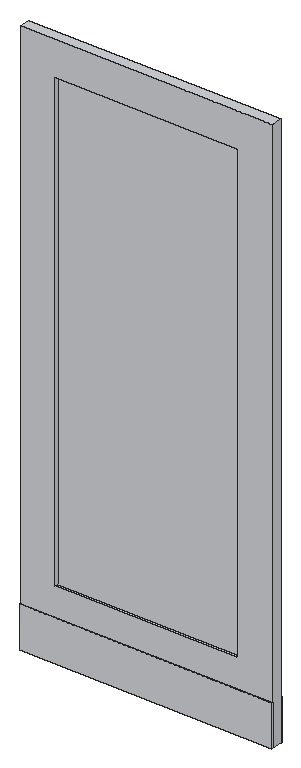
Revit family "BG_DORc_Leaf-Type3", category Doors, Revit 2020
Family settings
  Work Plane-Based = Yes
  Always vertical = No
  Cut with Voids When Loaded = No
  Shared = Yes
  Room Calculation Point = No
Parameters (values of type "Typical")
  Width [instance] = 920 mm
  Undercut [instance] = 0 mm
  Rough Width = 0 mm  # constant formula
  Rough Height = 0 mm  # constant formula
  Height [instance] = 2040 mm
  Default Elevation = 1219.2 mm
  BG_MATd_ProtectionInt1 [instance] = none
  BG_MATd_ProtectionExt1 [instance] = none
  BG_MATd_LeafInt1 [instance] = none
  BG_MATd_LeafExt1 [instance] = none
  BG_MATd_LeafCore1 [instance] = none
  BG_MATd_Glazing1 [instance] = none
  BG_DIMd_ProtectionHeightInt1 [instance] = 150 mm
  BG_DIMd_ProtectionHeightExt1 [instance] = 150 mm
  BG_DIMd_LeafThickness1 [instance] = 40 mm
  BG_DIMd_HandleMountingHeight1 [instance] = 1000 mm
Reference planes
  plane 1 "Front": y = 0
  plane 2 "Center (Elevation)": z = 0
  plane 3 "Center (Left/Right)": x = 0
  plane 4: z = 2040
  plane 5: x = -920
  plane 6 "Back": y = -40
  plane 7: z = 1000
  plane 8: x = -795
  plane 9: x = -125
  plane 10: z = 1915
  plane 11: z = 250
  plane 12: y = -20
Forms (mm)
  Extrusion 1, solid, material <- "BG_MATd_LeafCore1"
    sketch origin (1.5, 0, 0) x (-0.707107, 0.707107, 0) y (-0.707107, -0.707107, 0)
      loop
        line (-27.224, 29.345) -> (1.061, 1.061) -> (651.599, 651.599) -> (623.315, 679.883) -> (-27.224, 29.345)
    from 0 <- "Undercut" to 2040 <- "Height"
  Extrusion 2, void
    sketch origin (0, -40, 0) x (-1, 0, 0) y (0, 0, 1)
      loop
        line (795, 1915) -> (125, 1915) -> (125, 250) -> (795, 250) -> (795, 1915)
    from -100 to 100
  Extrusion 3, solid, material <- "BG_MATd_Glazing1"
    sketch origin (-1064.755, -20, 2000) x (-1, 0, 0) y (0, 0, 1)
      loop
        line (-269.755, -85) -> (-939.755, -85) -> (-939.755, -1750) -> (-269.755, -1750) -> (-269.755, -85)
    from -6 to 6
Cuts and joins
  Extrusion 2 cuts Extrusion 1
Lines and regions (mm)
  symbolic lines, style "InvisibleLines", detail levels coarse
    curve 1: line (0, 0, 0) -> (0, 80, 0)
    curve 2: line (0, 80, 0) -> (24.749, 55.251, 0)
    curve 3: line (0, 80, 0) -> (-24.749, 55.251, 0)
  model lines, style "Elevation Swing"
    curve 4: line (0, 0, 2040) -> (-920, 0, 1000)
    curve 5: line (-920, 0, 1000) -> (0, 0, 0)
    curve 6: line (0, -40, 2040) -> (-920, -40, 1000)
    curve 7: line (-920, -40, 1000) -> (0, -40, 0)
Dimensions and locks
  "Height": plane 4 to level
  "Width": plane 5 to plane 3 "Center (Left/Right)"
  "BG_DIMd_LeafThickness1": plane 1 "Front" to plane 6 "Back"
  "BG_DIMd_HandleMountingHeight1": plane 7 to level
  locked: plane 4 to plane 10 at 125
  locked: plane 3 "Center (Left/Right)" to plane 9 at 125
  locked: plane 8 to plane 5 at 125
  locked: plane 11 to level at 250
  equal spacing: plane 1 "Front", plane 12, plane 6 "Back"
  aligned and locked: level to plane 2 "Center (Elevation)"
  aligned and locked: plane 3 "Center (Left/Right)" to Extrusion 1 sketch curve
  aligned and locked: Extrusion 1 sketch curve to plane 1 "Front"
  aligned and locked: plane 6 "Back" to Extrusion 1 sketch curve
  aligned and locked: plane 5 to Extrusion 1 sketch curve
  aligned and locked: nested 1 to plane 5
  aligned and locked: plane 5 to nested 2
  aligned and locked: plane 10 to Extrusion 2 sketch curve
  aligned and locked: Extrusion 2 sketch curve to plane 8
  aligned and locked: Extrusion 2 sketch curve to plane 11
  aligned and locked: Extrusion 2 sketch curve to plane 9
  aligned and locked: plane 8 to Extrusion 3 sketch curve
  aligned and locked: plane 10 to Extrusion 3 sketch curve
  aligned and locked: Extrusion 3 sketch curve to plane 9
  aligned and locked: plane 11 to Extrusion 3 sketch curve
Automatic sketch dimensions
  curve 2 to plane 3 "Center (Left/Right)" = 0 mm
  plane 1 "Front" to curve 1 = 0 mm
  curve 3 to plane 1 "Front" = 80 mm
  curve 3 to plane 3 "Center (Left/Right)" = 24.749 mm
  plane 3 "Center (Left/Right)" to curve 2 = 24.749 mm
  curve 2 to curve 1 = 24.749 mm
  curve 5 to plane 5 = 0 mm
  curve 5 to level = 0 mm
  curve 5 to plane 3 "Center (Left/Right)" = 0 mm
  curve 4 to plane 3 "Center (Left/Right)" = 0 mm
  curve 5 to plane 7 = 0 mm
  curve 4 to plane 4 = 0 mm
  curve 7 to level = 0 mm
  curve 7 to plane 3 "Center (Left/Right)" = 0 mm
  curve 6 to plane 3 "Center (Left/Right)" = 0 mm
  curve 6 to plane 5 = 0 mm
  curve 6 to plane 7 = 0 mm
  curve 6 to plane 4 = 0 mm
Nested families
  nested 1: "BG_DORc_Protection-Type1" at (0, 0, 0) x (-1, 0, 0) z (0, 1, 0), Undercut <- "Undercut", Width <- "Width", Height <- "BG_DIMd_ProtectionHeightExt1", Protection finish <- "BG_MATd_ProtectionExt1", type "Typical", detail levels fine
    with Width 920 mm, Undercut 0 mm, Protection on yes, Protection finish none, Height override 150 mm, Height 150 mm
  nested 2: "BG_DORc_Protection-Type1" at (-920, -40, 0) x (1, 0, 0) z (0, -1, 0), Undercut <- "Undercut", Width <- "Width", Height <- "BG_DIMd_ProtectionHeightInt1", Protection finish <- "BG_MATd_ProtectionInt1", type "Typical", detail levels fine
    with Width 920 mm, Undercut 0 mm, Protection on yes, Protection finish none, Height override 150 mm, Height 150 mm
Definition of nested family "BG_DORc_Protection-Type1"
  Parameters (values of type "Typical")
    Width [instance] = 920 mm
    Undercut [instance] = 25 mm
    Thickness = 2 mm
    Protection on [instance] = Height - Undercut > 2 mm  # yes
    Protection finish [instance] = none
    Height override [instance] = if(Height - Undercut > 2 mm, Height, 2 mm)  # 150 mm
    Height [instance] = 150 mm
    Default Elevation = 1219.2 mm
  Reference planes
    plane 1 "Center (Front/Back)": y = 0
    plane 2: z = 0
    plane 3 "Center (Left/Right)": x = 0
    plane 4: x = 920
    plane 5: y = 150
    plane 6: y = 25
  Forms (mm)
    Extrusion 1, solid
      sketch origin (0, 0, 0) x (1, 0, 0) y (0, 1, 0)
        loop
          line (-1219.2, 1219.2) -> (-1219.2, -1219.2) -> (1219.2, -1219.2) -> (1219.2, 1219.2) -> (-1219.2, 1219.2)
      from 0 to -304.8
    Extrusion 2, solid, material <- "Protection finish", visible <- "Protection on"
      sketch origin (0, 0, 0) x (1, 0, 0) y (0, 1, 0)
        loop
          line (0, 150) -> (0, 25) -> (920, 25) -> (920, 150) -> (0, 150)
      from 0 to 2 <- "Thickness"
  Dimensions and locks
    "Height override": plane 1 "Center (Front/Back)" to plane 5
    "Width": plane 3 "Center (Left/Right)" to plane 4
    "Undercut": plane 1 "Center (Front/Back)" to plane 6
    aligned and locked: plane 2 to Extrusion 1
    aligned and locked: level to Extrusion 1
    aligned and locked: Extrusion 2 sketch curve to plane 3 "Center (Left/Right)"
    aligned and locked: Extrusion 2 sketch curve to plane 5
    aligned and locked: Extrusion 2 sketch curve to plane 4
    aligned and locked: Extrusion 2 sketch curve to plane 6
  Automatic sketch dimensions
    Extrusion 1 sketch curve to Extrusion 1 sketch curve = 2438.4 mm  (x2)
